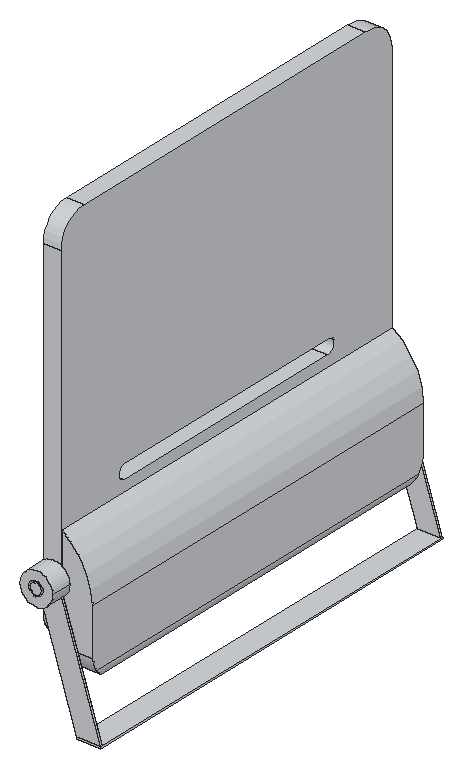
Revit family "2824022", category Generic Models, host Face, Revit 2018
Family settings
  Host = Face
  Can host rebar = No
  Round Connector Dimension = Use Diameter
  Part Type = Normal
  OmniClass Number = 23.80.70.00
  OmniClass Title = Lighting
  Cut with Voids When Loaded = No
  Shared = No
  Room Calculation Point = No
Parameters (values of type "Type Name")
  rotation axis = 142.4 mm
  bracket width = 588 mm
  URL = "http://www.sylvania-lighting.com"
  Type Image = <None>
  Type Comments = "n/a"
  Material_3_SYL = none
  Model = ""
  Manufacturer = "Feilo Sylvania"
  Keynote = ""
  Material_2_SYL = none
  Height = 157.859 mm
  Description = ""
  Default Elevation = 1219.2 mm
  Cost = 0
  Material_1_SYL = none
  Bracket Height = 195 mm
  Assembly Code = ""
  Material_4_SYL = none
Reference planes
  plane 1 "Center (Front/Back)": y = 0
  plane 2: z = 0
  plane 3 "Center (Left/Right)": x = 0
  plane 4: x = -16.5
  plane 5: x = 16.5
  plane 6: z = 155
  plane 7: x = -51.5
  plane 8: z = 137
  plane 9 "Rotation Axis": z = 142.4
  plane 10: z = 152.35
  plane 11: z = 195
  plane 12: x = -73.847
  plane 13: y = 294
  plane 14: y = -294
  plane 15: through (-72.693, -4572, 174.07) normal (-0.3105, 0, 0.9506)
  plane 16: through (-63.557, -4572, 193.954) normal (0.9506, 0, 0.3105)
  plane 17: y = 312
  plane 18: y = 288
  plane 19: y = -312
  plane 20: y = -286
  plane 21: z = 65
Forms (mm)
  Extrusion 1, solid, detail levels medium+fine
    sketch origin (0, 0, 0) x (1, 0, 0) y (0, 1, 0)
      loop
        line (-16.5, 294) -> (-16.5, -294) -> (16.5, -294) -> (16.5, 294) -> (-16.5, 294)
    from 0 to 2
  Extrusion 2, solid, detail levels medium+fine
    sketch origin (1524, -474.9, 1220.035) x (1, 0, 0) y (0, 0, 1)
      loop
        line (-1540.496, -1218.035) -> (-1507.966, -1218.035) -> (-1567.674, -1035.217)
        arc (-1567.674, -1035.217) -> (-1587.557, -1026.081) -> (-1596.693, -1045.965) r 15.473
        line (-1596.693, -1045.965) -> (-1540.496, -1218.035)
    from -180.9 to -182.9
  Extrusion 3, solid, detail levels medium+fine
    sketch origin (0, 0, 0.069) x (1, 0, 0) y (0, 0, 1)
      loop
        line (-16.39, 1.931) -> (16.139, 1.931) -> (-43.636, 184.958)
        arc (-43.636, 184.958) -> (-63.457, 193.922) -> (-72.656, 174.21) r 15.474
        line (-72.656, 174.21) -> (-16.39, 1.931)
    from -294 to -292
  Extrusion 4, solid, detail levels medium+fine
    sketch origin (-6.388, 0, 36.204) x (1, 0, 0) y (0, 0, 1)
      loop
        circle (-51.99, 142.374) r 22.5
    from -286.248 to -312
  Extrusion 5, solid, detail levels medium+fine
    sketch origin (-6.358, 0, 36.195) x (1, 0, 0) y (0, 0, 1)
      loop
        circle (-51.99, 142.374) r 22.5
    from 283.024 to 312
  Extrusion 6, void
    sketch origin (-6.561, 0, 36.284) x (1, 0, 0) y (0, 0, 1)
      loop
        circle (-51.99, 142.374) r 10
    from 294 to 312
  Extrusion 7, solid, detail levels fine
    sketch origin (-6.561, 0, 36.201) x (1, 0, 0) y (0, 0, 1)
      loop
        circle (-51.99, 142.374) r 7.5
    from 294 to 312
  Extrusion 8, void
    sketch origin (1517.357, -324.9, 1255.472) x (1, 0, 0) y (0, 0, 1)
      loop
        circle (-1575.99, -1076.826) r 10
    from -636.9 to -618.9
  Extrusion 9, solid, detail levels fine
    sketch origin (1517.42, -324.9, 1255.374) x (1, 0, 0) y (0, 0, 1)
      loop
        circle (-1575.99, -1076.826) r 7.5
    from -636.9 to -618.9
  Revolve 10, solid, not visible, detail levels coarse
    sketch origin (-58.257, 1655.459, 1254.912) x (0, 1, 0) y (0, 0, 1)
      loop
        line (-1369.21, -1054.349) -> (-1379.437, -1054.349) -> (-1379.437, -1074.349) -> (-1369.21, -1074.349) -> (-1369.21, -1054.349)
      axis (-1369.21, -1076.8) -> (-1379.437, -1076.8)
    angle from 0 to 180
Cuts and joins
  Extrusion 6 cuts Extrusion 5
  Extrusion 8 cuts Extrusion 4
Dimensions and locks
  "Bracket Height": plane 11 to level
  "bracket width": plane 14 to plane 13
  equal spacing: plane 14, plane 1 "Center (Front/Back)", plane 13
  aligned and locked: plane 2 to host face
  aligned and locked: level to host face
Automatic sketch dimensions
  host sketch curve to host sketch curve = 2438.4 mm  (x2)
  Extrusion 1 sketch curve to plane 4 = 0 mm
  Extrusion 1 sketch curve to plane 5 = 0 mm
  Extrusion 4 sketch curve to plane 9 "Rotation Axis" = 36.178 mm
  Extrusion 5 sketch curve to plane 9 "Rotation Axis" = 36.169 mm
  Extrusion 6 sketch curve to plane 9 "Rotation Axis" = 36.258 mm
  Extrusion 7 sketch curve to plane 9 "Rotation Axis" = 36.175 mm
  Extrusion 8 sketch curve to plane 9 "Rotation Axis" = 36.246 mm
  Extrusion 9 sketch curve to plane 9 "Rotation Axis" = 36.148 mm
  Revolve 10 sketch curve to plane 9 "Rotation Axis" = 35.712 mm
  Revolve 10 sketch curve to Revolve 10 sketch curve = 10.227 mm
  Revolve 10 sketch curve to plane 9 "Rotation Axis" = 38.163 mm
  plane 6 to Revolve 10 sketch curve = 45.563 mm
  Revolve 10 sketch curve to Revolve 10 sketch curve = 62.43 mm
  Revolve 10 sketch curve to Revolve 10 sketch curve = 22.367 mm
  plane 12 to Extrusion 2 sketch curve = 1.154 mm
  plane 7 to Extrusion 2 sketch curve = 6.684 mm
  Extrusion 2 sketch curve to plane 7 = 7.826 mm
  plane 4 to Extrusion 2 sketch curve = 0.004 mm
  level to Extrusion 2 sketch curve = 2 mm
  plane 6 to Extrusion 2 sketch curve = 19.07 mm
  Extrusion 2 sketch curve to Extrusion 2 sketch curve = 5.374 mm
  Extrusion 2 sketch curve to plane 5 = 0.466 mm
  plane 12 to Extrusion 3 sketch curve = 1.191 mm
  plane 7 to Extrusion 3 sketch curve = 6.582 mm
  Extrusion 3 sketch curve to plane 7 = 7.864 mm
  plane 4 to Extrusion 3 sketch curve = 0.11 mm
  Extrusion 3 sketch curve to plane 5 = 0.361 mm
  level to Extrusion 3 sketch curve = 2 mm
  Extrusion 3 sketch curve to Extrusion 3 sketch curve = 5.202 mm
  Extrusion 3 sketch curve to plane 11 = 9.973 mm
  plane 7 to Extrusion 6 sketch curve = 7.052 mm
  plane 7 to Extrusion 7 sketch curve = 7.051 mm
  plane 7 to Extrusion 9 sketch curve = 7.07 mm
  plane 7 to Extrusion 4 sketch curve = 6.879 mm
  plane 7 to Extrusion 5 sketch curve = 6.848 mm
  plane 7 to Extrusion 8 sketch curve = 7.133 mm
  Extrusion 1 sketch curve to plane 13 = 0 mm
  Extrusion 1 sketch curve to plane 14 = 0 mm
  Revolve 10 sketch curve to plane 18 = 11.979 mm
  radius of Extrusion 4 sketch curve = 22.5 mm
  radius of Extrusion 5 sketch curve = 22.5 mm
  radius of Extrusion 6 sketch curve = 10 mm
  radius of Extrusion 7 sketch curve = 7.5 mm
  radius of Extrusion 8 sketch curve = 10 mm
  radius of Extrusion 9 sketch curve = 7.5 mm
Nested families
  nested 1: "2824022" at (-58.257, -66.124, 317.984) x (0, 1, 0) z (1, 0, 0), type "2824022 RAIDEN IP66 40KLM 830 ASYM"
    with built-in parameter 1114216 (empty or 0)
Definition of nested family "2824022"
  Parameters (values of type "2824022 RAIDEN IP66 40KLM 830 ASYM")
    height = 60 mm
    Width = 319 mm
    Wattage Comments = "n/a"
    Wattage = 9.2903 W
    built-in parameter 1150110 = 1 (stored number, unit not read)
    URL = "0.95"
    Type Image = (empty or 0)
    Type Comments = "n/a"
    built-in parameter 1114217 = 1 (stored number, unit not read)
    Tilt Angle = -90.00°
    built-in parameter 1150109 = 1 (stored number, unit not read)
    built-in parameter 1150134 = 3
    built-in parameter 1150113 = 1 (stored number, unit not read)
    Photometric Web File = "2824022.IES"
    Material_3_SYL = none
    Model = "Raiden IP66 40KLM 830 Asymmetric Wide"
    Manufacturer = ""
    built-in parameter 1150105 = 109.82 (stored number, unit not read)
    Lumens = 1380 lm
    built-in parameter 1150115 = 1 (stored number, unit not read)
    built-in parameter 1150137 = (empty or 0)
    built-in parameter 1150139 = (empty or 0)
    Length = 511 mm
    built-in parameter 1150112 = 1 (stored number, unit not read)
    built-in parameter 1150114 = 1 (stored number, unit not read)
    Lamp = "n/a"
    Keynote = "n/a"
    Material_2_SYL = none
    built-in parameter 1150132 = (empty or 0)
    built-in parameter 1150102 = (empty or 0)
    built-in parameter 1150107 = 3200 (stored number, unit not read)
    built-in parameter 1150138 = (empty or 0)
    built-in parameter 1150106 = 1.0982 (stored number, unit not read)
    Emit from Circle Diameter = 609.6 mm
    Emit Shape Visible in Rendering = no
    built-in parameter 1150104 = 13.8 (stored number, unit not read)
    Dimming Lamp Color Temperature Shift = (empty or 0)
    Description = "Outdoor and indoor floodlight range with in house design, comes complete with 1m flying lead and adjustable bracket, aluminium housing, RAL 9022 - Pearl light grey, clear glass diffuser, IP66, IK08, Class I, 3000K, Non-dimming, 38700lm, 294W, 132lm/W, CRI80, Asymmetric Wide beam angle 110*50°, 100000 hrs L80B50 lifespan, 561x569x76mm (LxWxH) dimensions, 13.4kg weight."
    Default Elevation = 1219.2 mm
    Cost = 0
    Color Filter = 16777215
    built-in parameter 1114216 [instance] = (empty or 0)
    Material_1_SYL = none
    Body Length = 561 mm
    built-in parameter 1114218 = 1 (stored number, unit not read)
    built-in parameter 1150133 = 10 (stored number, unit not read)
    Assembly Code = "D5020200"
    Apparent Load = 294 VA
    Material_4_SYL = none
  Reference planes
    plane 1 "Center (Front/Back)": y = 2.5
    plane 2: z = 0.95
    plane 3 "Center (Left/Right)": x = 68.124
    plane 4: z = -14.05
    plane 5: z = 15.95
    plane 6: z = 0.95
    plane 7: z = 45.95
    plane 8: y = -253
    plane 9: y = -56
    plane 10: x = 253.624
    plane 11: x = -117.376
    plane 12: x = -123.376
    plane 13: y = -226
    plane 14: y = -76
    plane 15: y = -41.5
    plane 16: y = -213
    plane 17: x = 187.624
    plane 18: x = 259.624
    plane 19: x = 352.624
    plane 20: x = -216.376
    plane 21: x = -194.376
    plane 22: x = 330.624
    plane 23: y = 308
    plane 24: y = 286
    plane 25: x = 322.624
  Forms (mm)
    Extrusion 1, solid
      sketch origin (26.073, 0, 0.95) x (1, 0, 0) y (0, 1, 0)
        loop
          line (-1219.2, 1219.2) -> (-1219.2, -1219.2) -> (1219.2, -1219.2) -> (1219.2, 1219.2) -> (-1219.2, 1219.2)
      from 0 to -68.017
    Extrusion 2, solid, detail levels medium+fine
      sketch origin (83.124, -34.451, 0.95) x (1, 0, 0) y (0, 1, 0)
        loop
          line (-299.5, 302.451) -> (-299.5, -151.549)
          arc (-299.5, -151.549) -> (-287.784, -179.833) -> (-259.5, -191.549) r 40
          line (-259.5, -191.549) -> (229.5, -191.549)
          arc (229.5, -191.549) -> (257.784, -179.833) -> (269.5, -151.549) r 40
          line (269.5, -151.549) -> (269.5, 303.451)
          arc (269.5, 303.451) -> (256.273, 332.849) -> (225.5, 342.451) r 39.284
          line (225.5, 342.451) -> (-259.5, 342.451)
          arc (-259.5, 342.451) -> (-287.784, 330.735) -> (-299.5, 302.451) r 40
      from -15 to 9.702
    Extrusion 3, solid, detail levels medium+fine
      sketch origin (402.124, 1489.549, 1205.15) x (0, 1, 0) y (0, 0, 1)
        loop
          line (-1644.468, -1151.519) -> (-1728.014, -1151.519)
          arc (-1728.014, -1151.519) -> (-1739.904, -1157.404) -> (-1742.436, -1170.427) r 14.954
          line (-1742.436, -1170.427) -> (-1715.549, -1219.2) -> (-1565.549, -1219.2) -> (-1565.549, -1194.2)
          arc (-1565.549, -1194.2) -> (-1599.607, -1162.873) -> (-1644.468, -1151.519) r 94.303
      from -618.5 to -49.5
    Extrusion 4, void
      sketch origin (81.72, -11.578, 0.95) x (1, 0, 0) y (0, 1, 0)
        loop
          arc (-276.096, 29.078) -> (-271.703, 18.471) -> (-261.096, 14.078) r 15
          line (-261.096, 14.078) -> (233.904, 14.078)
          arc (233.904, 14.078) -> (244.51, 18.471) -> (248.904, 29.078) r 15
          line (248.904, 29.078) -> (248.904, 282.578)
          arc (248.904, 282.578) -> (244.51, 293.184) -> (233.904, 297.578) r 15
          line (233.904, 297.578) -> (-261.096, 297.578)
          arc (-261.096, 297.578) -> (-271.703, 293.184) -> (-276.096, 282.578) r 15
          line (-276.096, 282.578) -> (-276.096, 29.078)
      from -16.268 to -10.594
    Extrusion 5, solid, detail levels fine
      sketch origin (83.124, 0.218, 0.95) x (1, 0, 0) y (0, 1, 0)
        loop
          arc (-262.5, 285.782) -> (-273.107, 281.388) -> (-277.5, 270.782) r 15
          line (-277.5, 270.782) -> (-277.5, 17.282)
          arc (-277.5, 17.282) -> (-273.107, 6.675) -> (-262.5, 2.282) r 15
          line (-262.5, 2.282) -> (232.5, 2.282)
          arc (232.5, 2.282) -> (243.107, 6.675) -> (247.5, 17.282) r 15
          line (247.5, 17.282) -> (247.5, 270.782)
          arc (247.5, 270.782) -> (243.107, 281.388) -> (232.5, 285.782) r 15
          line (232.5, 285.782) -> (-262.5, 285.782)
      from -12.231 to -10.594
    Extrusion 6, void
      sketch origin (58.977, -53.062, 0.95) x (1, 0, 0) y (0, 1, 0)
        loop
          arc (184.512, -8.423) -> (194.512, 1.577) -> (184.512, 11.577) r 10
          line (184.512, 11.577) -> (-166.339, 11.577)
          arc (-166.339, 11.577) -> (-176.339, 1.577) -> (-166.339, -8.423) r 10
          line (-166.339, -8.423) -> (184.512, -8.423)
      from -18.734 to 12.525
    Extrusion 7, void
      sketch origin (68.124, -34.451, 0) x (0, 1, 0) y (0, 0, 1)
        loop
          line (-253.049, 15.95) -> (-253.049, -34.125) -> (-191.549, -30.902) -> (-191.549, 15.95) -> (-253.049, 15.95)
      from 191.5 to 306.113
    Extrusion 8, void
      sketch origin (68.124, -34.451, 0) x (0, 1, 0) y (0, 0, 1)
        loop
          line (-191.549, 15.95) -> (-275.432, 15.95) -> (-275.432, -28.004) -> (-191.549, -28.004) -> (-191.549, 15.95)
      from -308.216 to -191.5
    Extrusion 9, void
      sketch origin (-101.376, -126, 0.95) x (1, 0, 0) y (0, 1, 0)
        loop
          line (-115, -60) -> (-115, -100) -> (-75, -100)
          arc (-75, -100) -> (-103.284, -88.284) -> (-115, -60) r 40
      from -22.043 to 15
    Extrusion 10, void
      sketch origin (216.954, 19.065, 0.95) x (1, 0, 0) y (0, 1, 0)
        loop
          line (95.67, -245.065) -> (135.67, -245.065) -> (135.67, -205.065)
          arc (135.67, -205.065) -> (123.954, -233.349) -> (95.67, -245.065) r 40
      from -24.354 to 15
    Extrusion 11, solid, detail levels medium+fine
      sketch origin (1742.042, -359.351, 1205.129) x (1, 0, 0) y (0, 0, 1)
        loop
          circle (-1419.5, -1204.2) r 11
      from -140.977 to -106.464
    Extrusion 12, void
      sketch origin (-125, 0, 0.95) x (1, 0, 0) y (0, 1, 0)
        loop
          line (-91.376, -186) -> (-91.376, -226) -> (-51.376, -226)
          arc (-51.376, -226) -> (-79.66, -214.284) -> (-91.376, -186) r 40
      from -15 to 15
    Extrusion 13, void
      sketch origin (-125.5, 7.123, 0.95) x (1, 0, 0) y (0, 1, 0)
        loop
          line (-91.376, -221) -> (-91.376, -261) -> (-51.376, -261)
          arc (-51.376, -261) -> (-79.66, -249.284) -> (-91.376, -221) r 40
      from 0 to 100
    Extrusion 14, void
      sketch origin (125, 3.379, 0.95) x (1, 0, 0) y (0, 1, 0)
        loop
          arc (227.624, -217.683) -> (215.905, -245.976) -> (187.612, -257.696) r 40.012
          line (187.612, -257.696) -> (227.624, -257.696) -> (227.624, -217.683)
      from 12.525 to 100
    Extrusion 15, solid, detail levels coarse
      sketch origin (0, 0, 0.95) x (1, 0, 0) y (0, 1, 0)
        loop
          line (-216.376, 308) -> (-216.376, -252.887) -> (352.624, -252.887) -> (352.624, 308) -> (-216.376, 308)
      from -15 to 52.681
  Cuts and joins
    Extrusion 4, Extrusion 6, Extrusion 7, Extrusion 8, Extrusion 9, Extrusion 10, Extrusion 12 cuts Extrusion 2
    Extrusion 6, Extrusion 7, Extrusion 8, Extrusion 9, Extrusion 10, Extrusion 12, Extrusion 13, Extrusion 14 cuts Extrusion 3
    Extrusion 14 cuts Extrusion 11
  Dimensions and locks
    "height": plane 4 to plane 7
    plane 1 "Center (Front/Back)" to plane 8 = 255.5 mm
    Extrusion 15 to Extrusion 2 = 534 mm
    plane 1 "Center (Front/Back)" to Extrusion 5 = 283.5 mm
    "Body Length": plane 23 to plane 8
    aligned and locked: plane 2 to Extrusion 1
    aligned and locked: level to Extrusion 1
  Automatic sketch dimensions
    Extrusion 1 sketch curve to Extrusion 1 sketch curve = 2438.4 mm  (x2)
    Extrusion 4 sketch curve to plane 3 "Center (Left/Right)" = 262.5 mm
    Extrusion 4 sketch curve to Extrusion 4 sketch curve = 15 mm  (x3)
    plane 1 "Center (Front/Back)" to Extrusion 4 sketch curve = 0 mm
    Extrusion 4 sketch curve to Extrusion 4 sketch curve = 253.5 mm
    Extrusion 5 sketch curve to plane 3 "Center (Left/Right)" = 262.5 mm
    Extrusion 5 sketch curve to Extrusion 5 sketch curve = 15 mm  (x2)
    plane 1 "Center (Front/Back)" to Extrusion 5 sketch curve = 0 mm
    Extrusion 5 sketch curve to Extrusion 5 sketch curve = 253.5 mm
    Extrusion 7 sketch curve to plane 5 = 0 mm
    Extrusion 7 sketch curve to plane 4 = 16.852 mm
    Extrusion 7 sketch curve to plane 4 = 20.075 mm
    Extrusion 8 sketch curve to plane 5 = 0 mm
    Extrusion 8 sketch curve to plane 4 = 13.954 mm
    Extrusion 8 sketch curve to Extrusion 8 sketch curve = 83.883 mm
    Extrusion 9 sketch curve to plane 3 "Center (Left/Right)" = 284.5 mm
    Extrusion 9 sketch curve to Extrusion 9 sketch curve = 40 mm
    Extrusion 11 sketch curve to level = 0.021 mm
    Extrusion 10 sketch curve to Extrusion 10 sketch curve = 40 mm
    plane 13 to Extrusion 12 sketch curve = 0 mm
    Extrusion 13 sketch curve to plane 16 = 0.877 mm
    Extrusion 13 sketch curve to plane 8 = 0.877 mm
    plane 17 to Extrusion 14 sketch curve = 124.988 mm
    Extrusion 14 sketch curve to plane 16 = 1.305 mm
    Extrusion 14 sketch curve to plane 8 = 1.317 mm
    Extrusion 7 sketch curve to plane 13 = 0 mm
    Extrusion 7 sketch curve to plane 8 = 34.5 mm
    Extrusion 8 sketch curve to plane 13 = 0 mm
    Extrusion 9 sketch curve to plane 13 = 0 mm
    Extrusion 10 sketch curve to plane 13 = 0 mm
    plane 9 to Extrusion 6 sketch curve = 14.516 mm
    plane 14 to Extrusion 6 sketch curve = 14.516 mm
    plane 11 to Extrusion 6 sketch curve = 10.014 mm
    Extrusion 6 sketch curve to plane 10 = 10.135 mm
    Extrusion 3 sketch curve to plane 4 = 0 mm
    Extrusion 3 sketch curve to plane 13 = 0 mm
    Extrusion 3 sketch curve to plane 14 = 0 mm
    plane 8 to Extrusion 3 sketch curve = 14.535 mm
    plane 8 to Extrusion 3 sketch curve = 0.113 mm
    Extrusion 3 sketch curve to plane 4 = 26.622 mm
    Extrusion 3 sketch curve to plane 7 = 11.227 mm
    Extrusion 3 sketch curve to plane 7 = 7.273 mm
    Extrusion 3 sketch curve to plane 5 = 5 mm
    plane 8 to Extrusion 15 sketch curve = 0.113 mm
    Extrusion 15 sketch curve to plane 20 = 0 mm
    plane 17 to Extrusion 4 sketch curve = 128 mm  (x2)
    plane 17 to Extrusion 5 sketch curve = 128 mm  (x2)
    Extrusion 10 sketch curve to plane 19 = 0 mm
    plane 17 to Extrusion 11 sketch curve = 134.918 mm
    Extrusion 15 sketch curve to plane 19 = 0 mm
    Extrusion 15 sketch curve to plane 23 = 0 mm
    Extrusion 12 sketch curve to plane 20 = 0 mm
    plane 21 to Extrusion 12 sketch curve = 18 mm
    Extrusion 5 sketch curve to plane 22 = 0 mm
    Extrusion 2 sketch curve to plane 20 = 0 mm
    Extrusion 2 sketch curve to plane 13 = 0 mm
    Extrusion 2 sketch curve to plane 23 = 0 mm
    Extrusion 2 sketch curve to plane 19 = 0 mm
    plane 21 to Extrusion 2 sketch curve = 18 mm  (x2)
    Extrusion 2 sketch curve to plane 22 = 18 mm
    Extrusion 2 sketch curve to plane 24 = 17 mm
    Extrusion 2 sketch curve to Extrusion 2 sketch curve = 39.284 mm
    Extrusion 13 sketch curve to plane 20 = 0.5 mm
    radius of Extrusion 11 sketch curve = 11 mm
  Connectors
    electrical at (322.542, -252.887, 0.929)
      settings: on Extrusion 11, index 1, voltage 0 V, apparent load 0 VA, apparent load phase1 0 VA, apparent load phase2 0 VA, apparent load phase3 0 VA, power factor 1, load classification none, number of poles 1, system type 31, power factor state 1, is connector primary yes, connector utility no, sub classification motor no, connector description ""
